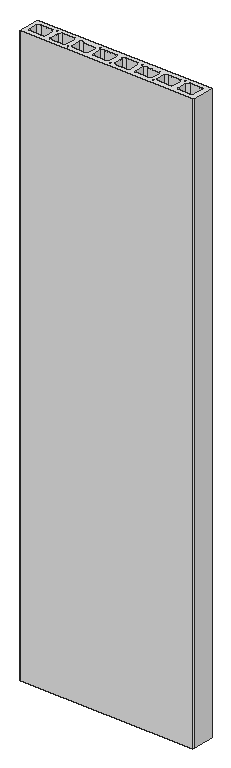
Revit family "ECP_MNLK-7760S7", category Generic Models, Revit 2022
Family settings
  Can host rebar = No
  Round Connector Dimension = Use Diameter
  Part Type = Normal
  Work Plane-Based = No
  Always vertical = Yes
  Cut with Voids When Loaded = Yes
  Maintain Annotation Orientation = No
  Shared = No
  Room Calculation Point = No
Parameters (values of type "ECP_MNLK-7760S7")
  長さ [instance] = 2000 mm
  穴表示 = yes
  材質 = 40Msr_ECP
  Default Elevation = 0 mm
  既存長さ = 610 mm
  幅 [instance] = 600 mm
  固定寸法 = 600 mm
  厚さ = 77 mm
  メースカット非表示 = yes
  メースカット [instance] = 既存長さ - 幅 - 10 mm  # 0 mm
  オースカット非表示 = no
  オースカット = 0 mm
Reference planes
  plane 1 "中心(正面/背面)": y = 0
  plane 2: z = 0
  plane 3 "中心(左/右)": x = 0
  plane 4: y = -38.5
  plane 5: y = 38.5
  plane 6: z = 2000
  plane 7: x = 600
Forms (mm)
  Extrusion 1, solid, material "40Msr_ECP" <- "材質", detail levels fine
    sketch origin (0, 0, 0) x (1, 0, 0) y (0, 1, 0)
      loop
        line (0, -35.5) -> (3, -38.5) -> (597, -38.5) -> (600, -35.5) -> (600, 35.5) -> (597, 38.5) -> (3, 38.5) -> (0, 35.5) -> (0, -35.5)
    from 0 to 2000
  Extrusion 2, void
    sketch origin (-50, 0, 0) x (1, 0, 0) y (0, 1, 0)
      loop
        line (650, -38.5) -> (660, -38.5) -> (660, 38.5) -> (650, 38.5) -> (650, -38.5)
    from 0 to 2000
  Extrusion 3, void
    sketch origin (-617, 0, 0) x (1, 0, 0) y (0, 1, 0)
      loop
        line (640, -22.5) -> (682.2, -22.5)
        arc (682.2, -22.5) -> (687.857, -20.157) -> (690.2, -14.5) r 8
        line (690.2, -14.5) -> (690.2, 14.5) -> (682.2, 22.5) -> (640, 22.5)
        arc (640, 22.5) -> (634.343, 20.157) -> (632, 14.5) r 8
        line (632, 14.5) -> (632, -14.5)
        arc (632, -14.5) -> (634.343, -20.157) -> (640, -22.5) r 8
      loop
        line (786.3, -22.5) -> (828.4, -22.5)
        arc (828.4, -22.5) -> (834.057, -20.157) -> (836.4, -14.5) r 8
        line (836.4, -14.5) -> (836.4, 14.5) -> (828.4, 22.5) -> (786.3, 22.5)
        arc (786.3, 22.5) -> (780.643, 20.157) -> (778.3, 14.5) r 8
        line (778.3, 14.5) -> (778.3, -14.5) -> (786.3, -22.5)
      loop
        line (859.4, -22.5) -> (901.5, -22.5) -> (909.5, -14.5) -> (909.5, 14.5)
        arc (909.5, 14.5) -> (907.157, 20.157) -> (901.5, 22.5) r 8
        line (901.5, 22.5) -> (859.4, 22.5) -> (851.4, 14.5) -> (851.4, -14.5)
        arc (851.4, -14.5) -> (853.743, -20.157) -> (859.4, -22.5) r 8
      loop
        line (932.5, -22.5) -> (974.6, -22.5)
        arc (974.6, -22.5) -> (980.257, -20.157) -> (982.6, -14.5) r 8
        line (982.6, -14.5) -> (982.6, 14.5) -> (974.6, 22.5) -> (932.5, 22.5)
        arc (932.5, 22.5) -> (926.843, 20.157) -> (924.5, 14.5) r 8
        line (924.5, 14.5) -> (924.5, -14.5) -> (932.5, -22.5)
      loop
        line (1005.6, 22.5) -> (997.6, 14.5) -> (997.6, -14.5)
        arc (997.6, -14.5) -> (999.943, -20.157) -> (1005.6, -22.5) r 8
        line (1005.6, -22.5) -> (1047.7, -22.5) -> (1055.7, -14.5) -> (1055.7, 14.5)
        arc (1055.7, 14.5) -> (1053.357, 20.157) -> (1047.7, 22.5) r 8
        line (1047.7, 22.5) -> (1005.6, 22.5)
      loop
        arc (1078.7, 22.5) -> (1073.043, 20.157) -> (1070.7, 14.5) r 8
        line (1070.7, 14.5) -> (1070.7, -14.5) -> (1078.7, -22.5) -> (1119.8, -22.5)
        arc (1119.8, -22.5) -> (1126.164, -19.864) -> (1128.8, -13.5) r 9
        line (1128.8, -13.5) -> (1128.8, 14.5) -> (1120.8, 22.5) -> (1078.7, 22.5)
      loop
        line (1151.8, 22.5) -> (1143.8, 14.5) -> (1143.8, -14.5)
        arc (1143.8, -14.5) -> (1146.143, -20.157) -> (1151.8, -22.5) r 8
        line (1151.8, -22.5) -> (1193.9, -22.5)
        arc (1193.9, -22.5) -> (1199.557, -20.157) -> (1201.9, -14.5) r 8
        line (1201.9, -14.5) -> (1201.9, 13.5)
        arc (1201.9, 13.5) -> (1199.264, 19.864) -> (1192.9, 22.5) r 9
        line (1192.9, 22.5) -> (1151.8, 22.5)
      loop
        line (713.2, 22.5) -> (705.2, 14.5) -> (705.2, -14.5)
        arc (705.2, -14.5) -> (707.543, -20.157) -> (713.2, -22.5) r 8
        line (713.2, -22.5) -> (755.3, -22.5) -> (763.3, -14.5) -> (763.3, 14.5)
        arc (763.3, 14.5) -> (760.957, 20.157) -> (755.3, 22.5) r 8
        line (755.3, 22.5) -> (713.2, 22.5)
      loop
        circle (697.7, 23.5) r 1.3
      loop
        circle (770.8, -23.5) r 1.3
      loop
        circle (843.9, 23.5) r 1.3
      loop
        circle (917, -23.5) r 1.3
      loop
        circle (990.1, 23.5) r 1.3
      loop
        circle (1063.2, -23.5) r 1.3
      loop
        circle (1136.3, 23.5) r 1.3
    from 0 to 2000
Cuts and joins
  Extrusion 2, Extrusion 3 cuts Extrusion 1
Lines and regions (mm)
  symbolic lines, style "ECPパネル", detail levels coarse+medium
    curve 1: line (0, 38.5, 0) -> (600, 38.5, 0)
    curve 2: line (0, -38.5, 0) -> (0, 38.5, 0)
    curve 3: line (600, -38.5, 0) -> (0, -38.5, 0)
    curve 4: line (600, 38.5, 0) -> (600, -38.5, 0)
    curve 5: line (0, 0, 0) -> (600, 0, 0)
    curve 6: line (0, 0, 2000) -> (0, 0, 0)
    curve 7: line (600, 0, 2000) -> (0, 0, 2000)
    curve 8: line (600, 0, 0) -> (600, 0, 2000)
    curve 9: line (0, -38.5, 2000) -> (0, 38.5, 2000)
    curve 10: line (0, -38.5, 0) -> (0, -38.5, 2000)
    curve 11: line (0, 38.5, 0) -> (0, -38.5, 0)
    curve 12: line (0, 38.5, 2000) -> (0, 38.5, 0)
  model lines, detail levels coarse+medium
    curve 13: line (0, 8, 0) -> (0, -8, 0)
Dimensions and locks
  "厚さ": plane 4 to plane 5
  "長さ": plane 6 to level
  equal spacing: plane 4, plane 1 "中心(正面/背面)", plane 5
  "既存長さ": plane 3 "中心(左/右)" to Extrusion 2
  "長さ": cut or joined group of Extrusion 1, Extrusion 2, Extrusion 3 to level
  "長さ": Extrusion 2 to level
  "幅": cut or joined group of Extrusion 1, Extrusion 2, Extrusion 3 to curve 8
  "長さ": level to Extrusion 3
  "固定寸法": plane 3 "中心(左/右)" to cut or joined group of Extrusion 1, Extrusion 2, Extrusion 3
  "幅": plane 3 "中心(左/右)" to plane 7
  "メースカット": Extrusion 2 sketch curve to cut or joined group of Extrusion 1, Extrusion 2, Extrusion 3
  aligned and locked: level to plane 2
Automatic sketch dimensions
  curve 11 to level = 0 mm
  curve 11 to plane 4 = 0 mm
  curve 11 to plane 5 = 0 mm
  curve 10 to plane 6 = 0 mm
  curve 7 to plane 3 "中心(左/右)" = 0 mm
  curve 7 to plane 6 = 0 mm
  curve 8 to level = 0 mm
  Extrusion 1 sketch curve to plane 3 "中心(左/右)" = 0 mm
  plane 4 to Extrusion 1 sketch curve = 0 mm
  plane 5 to Extrusion 1 sketch curve = 0 mm
  plane 3 "中心(左/右)" to Extrusion 1 sketch curve = 3 mm  (x2)
  Extrusion 1 sketch curve to plane 4 = 3 mm  (x2)
  plane 5 to Extrusion 1 sketch curve = 3 mm  (x2)
  Extrusion 1 sketch curve to Extrusion 1 sketch curve = 3 mm
  Extrusion 1 sketch curve to Extrusion 1 sketch curve = 0 mm
  Extrusion 1 sketch curve to Extrusion 1 sketch curve = 594 mm
  plane 3 "中心(左/右)" to Extrusion 3 sketch curve = 15 mm
  Extrusion 3 sketch curve to Extrusion 3 sketch curve = 8 mm  (x35)
  plane 5 to Extrusion 3 sketch curve = 16 mm  (x6)
  Extrusion 3 sketch curve to Extrusion 3 sketch curve = 42.2 mm  (x2)
  Extrusion 3 sketch curve to plane 4 = 16 mm  (x7)
  Extrusion 3 sketch curve to Extrusion 3 sketch curve = 7.5 mm  (x8)
  Extrusion 3 sketch curve to Extrusion 3 sketch curve = 15 mm  (x6)
  Extrusion 3 sketch curve to Extrusion 3 sketch curve = 42.1 mm  (x5)
  Extrusion 3 sketch curve to Extrusion 3 sketch curve = 0 mm  (x5)
  plane 1 "中心(正面/背面)" to Extrusion 3 sketch curve = 14.5 mm  (x2)
  Extrusion 3 sketch curve to plane 1 "中心(正面/背面)" = 14.5 mm  (x4)
  Extrusion 3 sketch curve to Extrusion 3 sketch curve = 9 mm  (x5)
  Extrusion 3 sketch curve to plane 1 "中心(正面/背面)" = 13.5 mm
  Extrusion 3 sketch curve to Extrusion 3 sketch curve = 41.1 mm  (x2)
  Extrusion 3 sketch curve to plane 4 = 15 mm  (x3)
  plane 4 to Extrusion 2 sketch curve = 0 mm
  plane 5 to Extrusion 2 sketch curve = 0 mm
  Extrusion 2 sketch curve to Extrusion 2 sketch curve = 10 mm
  curve 1 to plane 3 "中心(左/右)" = 0 mm
  curve 13 to plane 3 "中心(左/右)" = 0 mm
  plane 4 to curve 4 = 0 mm
  curve 4 to plane 7 = 0 mm
  plane 5 to curve 1 = 0 mm
  plane 1 "中心(正面/背面)" to curve 13 = 8 mm
  curve 13 to plane 1 "中心(正面/背面)" = 8 mm
  radius of Extrusion 3 sketch curve = 1.3 mm  (x7)
